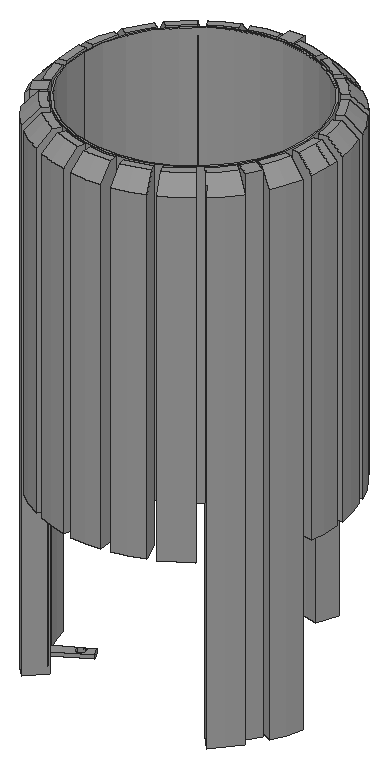
Revit family "Урна уличная «Акация» Арт 9421", category Антураж, Revit 2018
Family settings
  На основе рабочей плоскости = Нет
  Всегда вертикально = Да
  При загрузке вырезать с полостями = Нет
  Источник визуального образа = Геометрия семейства
  Общий = Нет
  Точка расчета площади = Нет
Parameters (values of type "Урна уличная «Акация»")
  Ширина = Диаметр  # 375 mm
  Цвет урны = Сталь
  Цвет отделки = Дерево
  Описание = "Урна уличная «Акация»"  # constant formula
  Материал изделия = "Сталь, дерево"  # constant formula
  Изображение типоразмера = Урна уличная «Акация» Арт 9421.jpg
  Изготовитель = "ООО «Хоббика»"  # constant formula
  Длина = Диаметр  # 375 mm
  Диаметр = 375 mm  # constant formula
  Группа модели = "Уличные урны"  # constant formula
  Высота = 700 mm  # constant formula
  Артикул товара = "Арт. 9421"  # constant formula
  URL = "https://hobbyka.ru/product/urna_ulichnaya_akatsiya/"
Reference planes
  plane 1 "По центру (Вперед/Назад)": y = 0
  plane 2: z = 0
  plane 3 "По центру (Влево/Вправо)": x = 0
  plane 4: y = 375
  plane 5: x = 375
  plane 6: z = 700
Forms (mm)
  Extrusion 1, solid, material "Сталь" <- "Цвет урны"
    sketch origin (0, 0, 0) x (1, 0, 0) y (0, 1, 0)
      loop
        line (197.5, 365) -> (177.5, 365) -> (177.5, 345) -> (197.5, 345) -> (197.5, 365)
      loop
        line (336.22, 90.09) -> (346.22, 107.41) -> (328.899, 117.41) -> (318.899, 100.09) -> (336.22, 90.09)
      loop
        line (28.78, 107.41) -> (38.78, 90.09) -> (56.101, 100.09) -> (46.101, 117.41) -> (28.78, 107.41)
    from 0 to 700
  Extrusion 2, solid, material "Дерево" <- "Цвет отделки"
    sketch origin (0, 0, 0) x (1, 0, 0) y (0, 1, 0)
      loop
        line (131.331, 334.644) -> (120.632, 362.671)
        arc (120.632, 362.671) -> (101.621, 354.176) -> (83.669, 343.626) r 187.5
        line (83.669, 343.626) -> (100.282, 318.646)
        arc (100.282, 318.646) -> (115.362, 327.508) -> (131.331, 334.644) r 157.5
      loop
        line (92.136, 312.848) -> (73.972, 336.723)
        arc (73.972, 336.723) -> (58.126, 323.215) -> (43.875, 308.033) r 187.5
        line (43.875, 308.033) -> (66.855, 288.748)
        arc (66.855, 288.748) -> (78.826, 301.501) -> (92.136, 312.848) r 157.5
      loop
        line (60.674, 280.889) -> (36.517, 298.677)
        arc (36.517, 298.677) -> (25.12, 281.25) -> (15.726, 262.667) r 187.5
        line (15.726, 262.667) -> (43.21, 250.64)
        arc (43.21, 250.64) -> (51.101, 266.25) -> (60.674, 280.889) r 157.5
      loop
        line (39.495, 241.358) -> (11.303, 251.616)
        arc (11.303, 251.616) -> (5.28, 231.684) -> (1.505, 211.206) r 187.5
        line (1.505, 211.206) -> (31.264, 207.413)
        arc (31.264, 207.413) -> (34.435, 224.614) -> (39.495, 241.358) r 157.5
      loop
        line (30.315, 197.46) -> (0.375, 199.357)
        arc (0.375, 199.357) -> (0.214, 178.535) -> (2.363, 157.824) r 187.5
        line (2.363, 157.824) -> (31.985, 162.572)
        arc (31.985, 162.572) -> (30.18, 179.97) -> (30.315, 197.46) r 157.5
      loop
        line (343.015, 162.572) -> (372.637, 157.824)
        arc (372.637, 157.824) -> (374.786, 178.535) -> (374.625, 199.357) r 187.5
        line (374.625, 199.357) -> (344.685, 197.46)
        arc (344.685, 197.46) -> (344.82, 179.97) -> (343.015, 162.572) r 157.5
      loop
        line (343.736, 207.413) -> (373.495, 211.206)
        arc (373.495, 211.206) -> (369.72, 231.684) -> (363.697, 251.616) r 187.5
        line (363.697, 251.616) -> (335.505, 241.358)
        arc (335.505, 241.358) -> (340.565, 224.614) -> (343.736, 207.413) r 157.5
      loop
        line (331.79, 250.64) -> (359.274, 262.667)
        arc (359.274, 262.667) -> (349.88, 281.25) -> (338.483, 298.677) r 187.5
        line (338.483, 298.677) -> (314.326, 280.889)
        arc (314.326, 280.889) -> (323.899, 266.25) -> (331.79, 250.64) r 157.5
      loop
        line (308.145, 288.748) -> (331.125, 308.033)
        arc (331.125, 308.033) -> (316.874, 323.215) -> (301.028, 336.723) r 187.5
        line (301.028, 336.723) -> (282.864, 312.848)
        arc (282.864, 312.848) -> (296.174, 301.501) -> (308.145, 288.748) r 157.5
      loop
        line (274.718, 318.646) -> (291.331, 343.626)
        arc (291.331, 343.626) -> (273.379, 354.176) -> (254.368, 362.671) r 187.5
        line (254.368, 362.671) -> (243.669, 334.644)
        arc (243.669, 334.644) -> (259.638, 327.508) -> (274.718, 318.646) r 157.5
      loop
        line (88.154, 65.284) -> (69.231, 42.005)
        arc (69.231, 42.005) -> (86.094, 29.788) -> (104.206, 19.517) r 187.5
        line (104.206, 19.517) -> (117.533, 46.394)
        arc (117.533, 46.394) -> (102.319, 55.022) -> (88.154, 65.284) r 157.5
      loop
        line (126.627, 42.239) -> (115.033, 14.57)
        arc (115.033, 14.57) -> (134.654, 7.601) -> (154.928, 2.851) r 187.5
        line (154.928, 2.851) -> (160.14, 32.395)
        arc (160.14, 32.395) -> (143.11, 36.385) -> (126.627, 42.239) r 157.5
      loop
        line (170.036, 30.971) -> (166.71, 1.156)
        arc (166.71, 1.156) -> (187.5, 0) -> (208.29, 1.156) r 187.5
        line (208.29, 1.156) -> (204.964, 30.971)
        arc (204.964, 30.971) -> (187.5, 30) -> (170.036, 30.971) r 157.5
      loop
        line (214.86, 32.395) -> (220.072, 2.851)
        arc (220.072, 2.851) -> (240.346, 7.601) -> (259.967, 14.57) r 187.5
        line (259.967, 14.57) -> (248.373, 42.239)
        arc (248.373, 42.239) -> (231.89, 36.385) -> (214.86, 32.395) r 157.5
      loop
        line (257.467, 46.394) -> (270.794, 19.517)
        arc (270.794, 19.517) -> (288.906, 29.788) -> (305.769, 42.005) r 187.5
        line (305.769, 42.005) -> (286.846, 65.284)
        arc (286.846, 65.284) -> (272.681, 55.022) -> (257.467, 46.394) r 157.5
    from 230 to 700
  Extrusion 3, solid, material "Дерево" <- "Цвет отделки"
    sketch origin (0, 0, 0) x (1, 0, 0) y (0, 1, 0)
      loop
        arc (140.78, 337.911) -> (157.746, 342.164) -> (175.079, 344.509) r 157.5
        line (175.079, 344.509) -> (172.713, 374.416)
        arc (172.713, 374.416) -> (152.079, 371.624) -> (131.881, 366.561) r 187.5
        line (131.881, 366.561) -> (140.78, 337.911)
      loop
        arc (45.315, 119.752) -> (38.68, 135.935) -> (33.88, 152.755) r 157.5
        line (33.88, 152.755) -> (4.619, 146.137)
        arc (4.619, 146.137) -> (10.334, 126.114) -> (18.233, 106.848) r 187.5
        line (18.233, 106.848) -> (45.315, 119.752)
      loop
        arc (199.921, 344.509) -> (217.254, 342.164) -> (234.22, 337.911) r 157.5
        line (234.22, 337.911) -> (243.119, 366.561)
        arc (243.119, 366.561) -> (222.921, 371.624) -> (202.287, 374.416) r 187.5
        line (202.287, 374.416) -> (199.921, 344.509)
      loop
        arc (341.12, 152.755) -> (336.32, 135.935) -> (329.685, 119.752) r 157.5
        line (329.685, 119.752) -> (356.767, 106.848)
        arc (356.767, 106.848) -> (364.666, 126.114) -> (370.381, 146.137) r 187.5
        line (370.381, 146.137) -> (341.12, 152.755)
      loop
        arc (317.264, 98.239) -> (306.566, 84.4) -> (294.4, 71.834) r 157.5
        line (294.4, 71.834) -> (314.762, 49.802)
        arc (314.762, 49.802) -> (329.245, 64.762) -> (341.981, 81.236) r 187.5
        line (341.981, 81.236) -> (317.264, 98.239)
      loop
        arc (80.6, 71.834) -> (68.434, 84.4) -> (57.736, 98.239) r 157.5
        line (57.736, 98.239) -> (33.019, 81.236)
        arc (33.019, 81.236) -> (45.755, 64.762) -> (60.238, 49.802) r 187.5
        line (60.238, 49.802) -> (80.6, 71.834)
    from 0 to 700
  Sweep 4, void
    path origin (0, 0, 0) x (1, 0, 0) y (0, 1, 0)
      loop
        circle (187.5, 187.5) r 187.5
    profile origin (187.5, 375, 0) x (0, -1, 0) y (0, 0, 1)
      loop
        line (20, 700) -> (0, 700) -> (0, 680) -> (20, 700)
  Extrusion 5, solid, material "Сталь" <- "Цвет урны"
    sketch origin (0, 0, 0) x (1, 0, 0) y (0, 1, 0)
      loop
        circle (187.5, 187.5) r 155
    from 285 to 700
  Extrusion 6, void
    sketch origin (0, 0, 0) x (1, 0, 0) y (0, 1, 0)
      loop
        circle (187.5, 187.5) r 153
    from 287 to 700
  Extrusion 7, solid, material "Сталь" <- "Цвет урны"
    sketch origin (0, 0, 0) x (1, 0, 0) y (0, 1, 0)
      loop
        line (180, 345) -> (180, 295) -> (195, 295) -> (195, 345) -> (180, 345)
      loop
        circle (187.5, 311) r 6
      loop
        line (327.649, 115.245) -> (284.348, 140.245) -> (276.848, 127.255) -> (320.149, 102.255) -> (327.649, 115.245)
      loop
        circle (294.454, 125.75) r 6
      loop
        line (54.851, 102.255) -> (98.152, 127.255) -> (90.652, 140.245) -> (47.351, 115.245) -> (54.851, 102.255)
      loop
        circle (80.546, 125.75) r 6
    from 0 to 5
Cuts and joins
  Sweep 4 cuts Extrusion 2
  Sweep 4 cuts Extrusion 3
  Extrusion 6 cuts Extrusion 5
  joined: Extrusion 1, Extrusion 7
Lines and regions (mm)
  reference lines
    curve 1: circle (187.5, 187.5, 0) r 187.5 normal (0, 0, 1)
Dimensions and locks
  "Длина": plane 3 "По центру (Влево/Вправо)" to plane 5
  "Ширина": plane 4 to plane 1 "По центру (Вперед/Назад)"
  "Высота": plane 6 to plane 2
  "Диаметр": diameter of curve 1
  aligned and locked: level to plane 2
Automatic sketch dimensions
  plane 3 "По центру (Влево/Вправо)" to Extrusion 1 sketch curve = 28.78 mm
  Extrusion 1 sketch curve to Extrusion 1 sketch curve = 10 mm  (x4)
  Extrusion 1 sketch curve to Extrusion 1 sketch curve = 17.321 mm  (x2)
  Extrusion 1 sketch curve to plane 4 = 30 mm
  plane 3 "По центру (Влево/Вправо)" to Extrusion 1 sketch curve = 177.5 mm
  Extrusion 1 sketch curve to Extrusion 1 sketch curve = 20 mm
  Extrusion 1 sketch curve to plane 5 = 56.101 mm
  Extrusion 1 sketch curve to plane 1 "По центру (Вперед/Назад)" = 90.09 mm  (x2)
  Extrusion 1 sketch curve to plane 4 = 10 mm
  Extrusion 3 sketch curve to Extrusion 3 sketch curve = 0 mm  (x22)
  Extrusion 3 sketch curve to plane 4 = 8.439 mm  (x2)
  plane 3 "По центру (Влево/Вправо)" to Extrusion 3 sketch curve = 131.881 mm
  Extrusion 3 sketch curve to plane 4 = 37.089 mm  (x2)
  Extrusion 3 sketch curve to Extrusion 3 sketch curve = 8.899 mm
  Extrusion 3 sketch curve to plane 4 = 0.584 mm  (x2)
  Extrusion 3 sketch curve to Extrusion 3 sketch curve = 40.832 mm
  Extrusion 3 sketch curve to plane 4 = 30.491 mm  (x2)
  Extrusion 3 sketch curve to Extrusion 3 sketch curve = 46.72 mm
  plane 3 "По центру (Влево/Вправо)" to Extrusion 3 sketch curve = 45.315 mm
  plane 3 "По центру (Влево/Вправо)" to Extrusion 3 sketch curve = 33.88 mm
  plane 3 "По центру (Влево/Вправо)" to Extrusion 3 sketch curve = 18.233 mm
  plane 3 "По центру (Влево/Вправо)" to Extrusion 3 sketch curve = 4.619 mm
  Extrusion 3 sketch curve to plane 1 "По центру (Вперед/Назад)" = 152.755 mm
  Extrusion 3 sketch curve to Extrusion 3 sketch curve = 6.618 mm
  Extrusion 3 sketch curve to Extrusion 3 sketch curve = 24.841 mm
  Extrusion 3 sketch curve to Extrusion 3 sketch curve = 29.573 mm
  Extrusion 3 sketch curve to plane 5 = 45.315 mm
  Extrusion 3 sketch curve to plane 5 = 33.88 mm
  Extrusion 3 sketch curve to plane 5 = 18.233 mm
  Extrusion 3 sketch curve to plane 5 = 4.619 mm
  Extrusion 3 sketch curve to plane 1 "По центру (Вперед/Назад)" = 106.848 mm
  Extrusion 3 sketch curve to Extrusion 3 sketch curve = 12.904 mm
  Extrusion 3 sketch curve to Extrusion 3 sketch curve = 35.285 mm
  Extrusion 3 sketch curve to Extrusion 3 sketch curve = 20.362 mm  (x2)
  Extrusion 3 sketch curve to Extrusion 3 sketch curve = 12.421 mm  (x2)
  Extrusion 3 sketch curve to Extrusion 3 sketch curve = 14.787 mm  (x2)
  Extrusion 3 sketch curve to Extrusion 3 sketch curve = 21.513 mm
  Extrusion 3 sketch curve to Extrusion 3 sketch curve = 25.611 mm
  Extrusion 3 sketch curve to Extrusion 3 sketch curve = 27.219 mm
  Extrusion 3 sketch curve to plane 1 "По центру (Вперед/Назад)" = 49.802 mm
  Extrusion 3 sketch curve to Extrusion 3 sketch curve = 22.032 mm
  Extrusion 2 sketch curve to Extrusion 2 sketch curve = 0 mm  (x870)
  plane 3 "По центру (Влево/Вправо)" to Extrusion 2 sketch curve = 0.375 mm
  plane 3 "По центру (Влево/Вправо)" to Extrusion 2 sketch curve = 1.505 mm
  plane 3 "По центру (Влево/Вправо)" to Extrusion 2 sketch curve = 2.363 mm
  plane 3 "По центру (Влево/Вправо)" to Extrusion 2 sketch curve = 11.303 mm
  Extrusion 2 sketch curve to Extrusion 2 sketch curve = 4.423 mm
  Extrusion 2 sketch curve to Extrusion 2 sketch curve = 29.94 mm
  Extrusion 2 sketch curve to Extrusion 2 sketch curve = 0.949 mm  (x2)
  Extrusion 2 sketch curve to Extrusion 2 sketch curve = 29.622 mm
  plane 3 "По центру (Влево/Вправо)" to Extrusion 2 sketch curve = 36.517 mm
  Extrusion 2 sketch curve to Extrusion 2 sketch curve = 28.191 mm
  Extrusion 2 sketch curve to Extrusion 2 sketch curve = 3.715 mm  (x2)
  Extrusion 2 sketch curve to Extrusion 2 sketch curve = 7.358 mm  (x2)
  Extrusion 2 sketch curve to Extrusion 2 sketch curve = 24.157 mm
  Extrusion 2 sketch curve to Extrusion 2 sketch curve = 6.181 mm  (x2)
  plane 3 "По центру (Влево/Вправо)" to Extrusion 2 sketch curve = 69.231 mm
  Extrusion 2 sketch curve to plane 4 = 38.277 mm
  Extrusion 2 sketch curve to Extrusion 2 sketch curve = 30.097 mm
  Extrusion 2 sketch curve to plane 4 = 31.374 mm  (x2)
  Extrusion 2 sketch curve to Extrusion 2 sketch curve = 9.697 mm  (x2)
  Extrusion 2 sketch curve to Extrusion 2 sketch curve = 18.923 mm
  Extrusion 2 sketch curve to plane 4 = 62.152 mm
  Extrusion 2 sketch curve to Extrusion 2 sketch curve = 18.164 mm
  Extrusion 2 sketch curve to Extrusion 2 sketch curve = 8.145 mm  (x2)
  Extrusion 2 sketch curve to plane 1 "По центру (Вперед/Назад)" = 19.517 mm  (x2)
  Extrusion 2 sketch curve to Extrusion 2 sketch curve = 34.975 mm
  Extrusion 2 sketch curve to plane 1 "По центру (Вперед/Назад)" = 14.57 mm  (x2)
  Extrusion 2 sketch curve to Extrusion 2 sketch curve = 10.826 mm  (x2)
  Extrusion 2 sketch curve to plane 1 "По центру (Вперед/Назад)" = 46.394 mm  (x2)
  Extrusion 2 sketch curve to Extrusion 2 sketch curve = 13.327 mm
  Extrusion 2 sketch curve to plane 4 = 12.329 mm  (x2)
  Extrusion 2 sketch curve to Extrusion 2 sketch curve = 36.963 mm
  Extrusion 2 sketch curve to plane 1 "По центру (Вперед/Назад)" = 42.239 mm  (x2)
  Extrusion 2 sketch curve to Extrusion 2 sketch curve = 9.094 mm  (x2)
  Extrusion 2 sketch curve to plane 4 = 40.356 mm  (x2)
  Extrusion 2 sketch curve to Extrusion 2 sketch curve = 10.699 mm  (x2)
  Extrusion 2 sketch curve to plane 1 "По центру (Вперед/Назад)" = 2.851 mm  (x2)
  Extrusion 2 sketch curve to Extrusion 2 sketch curve = 39.895 mm
  Extrusion 2 sketch curve to plane 1 "По центру (Вперед/Назад)" = 32.395 mm  (x2)
  Extrusion 2 sketch curve to plane 1 "По центру (Вперед/Назад)" = 1.156 mm  (x2)
  Extrusion 2 sketch curve to Extrusion 2 sketch curve = 11.782 mm  (x2)
  Extrusion 2 sketch curve to plane 1 "По центру (Вперед/Назад)" = 30.971 mm  (x2)
  Extrusion 2 sketch curve to Extrusion 2 sketch curve = 9.896 mm  (x2)
  Extrusion 2 sketch curve to Extrusion 2 sketch curve = 112.338 mm
  Extrusion 2 sketch curve to plane 4 = 56.354 mm
  Extrusion 2 sketch curve to plane 1 "По центру (Вперед/Назад)" = 65.284 mm
  Extrusion 2 sketch curve to plane 1 "По центру (Вперед/Назад)" = 42.005 mm
  Extrusion 2 sketch curve to Extrusion 2 sketch curve = 25.281 mm
  Extrusion 2 sketch curve to Extrusion 2 sketch curve = 22.98 mm
  Extrusion 2 sketch curve to Extrusion 2 sketch curve = 17.464 mm
  Extrusion 2 sketch curve to plane 5 = 31.985 mm
  Extrusion 2 sketch curve to plane 5 = 31.264 mm
  Extrusion 2 sketch curve to plane 5 = 15.726 mm
  Extrusion 2 sketch curve to plane 5 = 11.303 mm
  Extrusion 2 sketch curve to plane 5 = 2.363 mm
  Extrusion 2 sketch curve to plane 5 = 1.505 mm
  Extrusion 2 sketch curve to plane 5 = 0.375 mm
  Extrusion 2 sketch curve to Extrusion 2 sketch curve = 92.54 mm  (x2)
  Extrusion 2 sketch curve to Extrusion 2 sketch curve = 4.748 mm  (x2)
  Extrusion 2 sketch curve to Extrusion 2 sketch curve = 9.953 mm  (x2)
  Extrusion 2 sketch curve to Extrusion 2 sketch curve = 11.849 mm  (x2)
  Extrusion 2 sketch curve to Extrusion 2 sketch curve = 9.282 mm  (x2)
  Extrusion 2 sketch curve to Extrusion 2 sketch curve = 11.05 mm  (x2)
  Extrusion 2 sketch curve to Extrusion 2 sketch curve = 7.859 mm
  Extrusion 2 sketch curve to Extrusion 2 sketch curve = 9.356 mm
  plane 3 "По центру (Влево/Вправо)" to Sweep 4 sketch curve = 187.5 mm
  Sweep 4 sketch curve to plane 1 "По центру (Вперед/Назад)" = 187.5 mm
  Sweep 4 sketch curve to profile plane = 0 mm
  level to Sweep 4 sketch curve = 700 mm
  Sweep 4 sketch curve to Sweep 4 sketch curve = 20 mm
  Sweep 4 sketch curve to profile plane = 20 mm
  plane 3 "По центру (Влево/Вправо)" to Extrusion 5 sketch curve = 187.5 mm
  Extrusion 5 sketch curve to plane 1 "По центру (Вперед/Назад)" = 187.5 mm
  Extrusion 6 sketch curve to Extrusion 6 sketch curve = 0 mm  (x2)
  plane 3 "По центру (Влево/Вправо)" to Extrusion 6 sketch curve = 187.5 mm
  Extrusion 6 sketch curve to plane 1 "По центру (Вперед/Назад)" = 187.5 mm
  plane 3 "По центру (Влево/Вправо)" to Extrusion 6 sketch curve = 34.5 mm
  plane 3 "По центру (Влево/Вправо)" to Extrusion 7 sketch curve = 47.351 mm
  Extrusion 7 sketch curve to Extrusion 7 sketch curve = 7.5 mm  (x3)
  Extrusion 7 sketch curve to Extrusion 7 sketch curve = 33.195 mm
  Extrusion 7 sketch curve to Extrusion 7 sketch curve = 10.106 mm
  Extrusion 7 sketch curve to plane 4 = 80 mm
  Extrusion 7 sketch curve to Extrusion 7 sketch curve = 89.348 mm
  Extrusion 7 sketch curve to Extrusion 7 sketch curve = 15 mm
  Extrusion 7 sketch curve to plane 5 = 98.152 mm
  Extrusion 7 sketch curve to Extrusion 7 sketch curve = 17.606 mm
  Extrusion 7 sketch curve to Extrusion 7 sketch curve = 25.695 mm
  Extrusion 7 sketch curve to plane 1 "По центру (Вперед/Назад)" = 102.255 mm  (x2)
  Extrusion 7 sketch curve to Extrusion 7 sketch curve = 12.99 mm  (x2)
  Extrusion 7 sketch curve to Extrusion 7 sketch curve = 1.505 mm
  Extrusion 7 sketch curve to Extrusion 7 sketch curve = 14.495 mm
  Extrusion 7 sketch curve to Extrusion 7 sketch curve = 16 mm
  Extrusion 7 sketch curve to plane 4 = 30 mm
  plane 3 "По центру (Влево/Вправо)" to curve 1 = 187.5 mm
  curve 1 to plane 1 "По центру (Вперед/Назад)" = 187.5 mm
  radius of Sweep 4 sketch curve = 187.5 mm
  radius of Extrusion 5 sketch curve = 155 mm
  radius of Extrusion 7 sketch curve = 6 mm  (x3)
